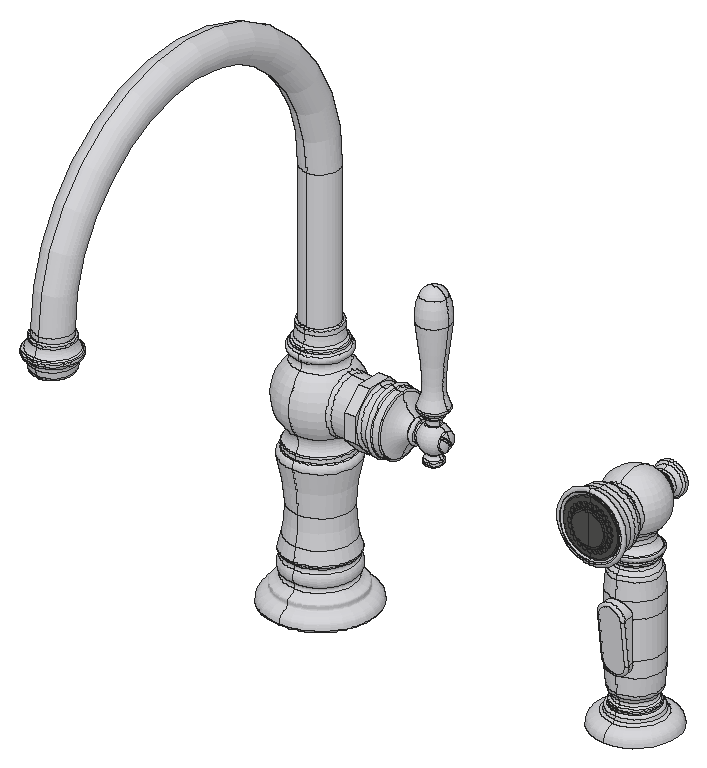
Revit family "Faucet-Kitchen_Sink-KOHLER-Artifacts-K-99262", category Plumbing Fixtures, host Face, Revit 2015
Parameters (values of type "CP- Polished Chrome")
  Width = Faucet Hole Spacing + 2 5/16"  # 10 5/16"
  Waste Water Outlet = "Waste Water Outlet"  # constant formula
  Waste Connection = no
  Vent Connection = no
  URL = "https://www.us.kohler.com/us/"
  Type = 1
  Spout Reach = 8 129/256"  # constant formula
  Product Page URL = "http://www.us.kohler.com/us/catalog/productDetails.jsp?productNumber=99262"
  Product Name = "Artifacts"  # constant formula
  Product Documentation Link = "http://www.us.kohler.com/onlinecatalog/pdf/K-99262_spec.pdf"
  Pressure = 60.00 psi  # constant formula
  Model = if(Type = 1, "K-99262-CP", if(Type = 2, "K-99262-SN", if(Type = 3, "K-99262-VS", if(Type = 4, "K-99262-2BZ", "NA"))))  # "K-99262-CP"
  Material = "Premium Metal Construction"  # constant formula
  MasterFormat 2004 = "22.41.39"  # constant formula
  MasterFormat 1995 = "15410"  # constant formula
  Manufacturer Address = "444 Highland Dr, Kohler, WI 53044"  # constant formula
  Manufacturer = "KOHLER Co."  # constant formula
  Length = 10 7/16"  # constant formula
  Hot Water Inlet = "Hot Water Inlet"  # constant formula
  Height = 14 11/16"  # constant formula
  HW Connection = yes
  Flow Rate = 1.5 GPM  # constant formula
  Finish = Kohler-Metal-CP-Polished_Chrome
  Faucet Hole Spacing = 8"
  Environmental Product Declaration = ""
  Description = "2-hole kitchen sink faucet with 14-11/16 inch swing spout and matching finish two-function side-spray with Sweep and BerrySoft spray, Arc spout design"
  Default Elevation = 36"
  Declare Label = ""
  Date Modified = "02/19/2018"  # constant formula
  Date Created = "02/19/2018"  # constant formula
  Copyright = "Copyright KOHLER Co."  # constant formula
  Contact Us = "https://www.us.kohler.com/us/static/contact.jsp"
  Cold Water Inlet = "Cold Water Inlet"  # constant formula
  CW Connection = yes
  Assembly Code = "D2020"
  ADA Compliant = yes
Reference planes (in)
  plane 1 "Center (Front/Back)": y = 0
  plane 2: z = 0
  plane 3 "Center (Left/Right)": x = 0
  plane 4: x = 8
  plane 5: y = 1.29905
  plane 6: y = -9.13845
  plane 7: x = -1.29834
  plane 8: x = 9.01416
  plane 9: z = 14.6875
  plane 10: y = -8.50391
Dimensions and locks (in)
  "Faucet Hole Spacing": plane 4 to plane 3 "Center (Left/Right)"
  "Length": plane 5 to plane 6
  "Width": plane 7 to plane 8
  "Height": plane 9 to plane 2
  "Spout Reach": plane 1 "Center (Front/Back)" to plane 10
  locked: plane 7 to plane 3 "Center (Left/Right)" at 1.29834
  aligned and locked: plane 2 to host face
  aligned and locked: level to host face
  aligned and locked: plane 4 to nested 2
  aligned and locked: plane 1 "Center (Front/Back)" to nested 2
Automatic sketch dimensions
  host sketch curve to host sketch curve = 96"  (x2)
Nested families (in)
  nested 1: "K-99262_1" at (0, 0, 0), type "K-99262_1"
  nested 2: "K-99262_2" at (8, 0, 0), type "K-99262_2"
Connectors (in)
  piping at (-0.53885, 0, 0), diameter 0.375, driven by "Flow Rate", driven by "Pressure", driven by "HW Connection", driven by "Hot Water Inlet"
    settings: on nested 1, index 1, connector inside diameter 24", connector length 0", flow factor 0, pipe flow 1.5 GPM, pressure drop 60.00 psi, fitting loss kfactor 0, connector angle 0.00°, fixture units 0, engagement length 0", angle of deflection 0.00°, flow configuration 1, flow direction 1, fitting loss method 4, system type 19, joint type 0, gender type 0, connector reference index -1, connector utility 1, adjustable connector no, is connector primary yes, connector description "Hot Water Inlet"
  piping at (0.53885, 0, 0), diameter 0.375, driven by "CW Connection", driven by "CW Connection", driven by "Cold Water Inlet", driven by "Flow Rate", driven by "Pressure"
    settings: on nested 1, index 6, connector inside diameter 24", connector length 0", flow factor 0, pipe flow 1.5 GPM, pressure drop 60.00 psi, fitting loss kfactor 0, connector angle 0.00°, fixture units 0, engagement length 0", angle of deflection 0.00°, flow configuration 1, flow direction 1, fitting loss method 4, system type 20, joint type 0, gender type 0, connector reference index -1, connector utility 1, adjustable connector yes, is connector primary no, connector description "Cold Water Inlet"
Definition of nested family "K-99262_1"
  Parameters (values of type "K-99262_1")
    Material = none
  Reference planes (in)
    plane 1 "Center (Front/Back)": y = 0
    plane 2: z = 0
    plane 3 "Center (Left/Right)": x = 0
  Forms (in)
    Revolve 1, solid, material <- "Material"
      sketch origin (0, 0.00056, 0.56138) x (0, 1, 0) y (0, 0, 1)
        loop
          line (-8.03006, 9.23919) -> (-8.50056, 9.23919) -> (-8.50056, 8.47279) -> (-8.12571, 8.47279) -> (-8.12571, 8.43413) -> (-8.06191, 8.43413)
          arc (-8.06191, 8.43413) -> (-8.04662, 8.4368) -> (-8.03313, 8.44447) r 0.04523
          arc (-8.03313, 8.44447) -> (-8.01593, 8.46373) -> (-8.00528, 8.48727) r 0.08519
          arc (-8.00528, 8.48727) -> (-7.98898, 8.55914) -> (-7.97985, 8.63227) r 0.74608
          arc (-7.97985, 8.63227) -> (-7.94798, 8.72556) -> (-7.8747, 8.79151) r 0.19588
          arc (-7.8747, 8.79151) -> (-7.86254, 8.80287) -> (-7.85805, 8.8189) r 0.03086
          line (-7.85805, 8.8189) -> (-7.85805, 8.88279)
          arc (-7.85805, 8.88279) -> (-7.86268, 8.89725) -> (-7.87484, 8.90633) r 0.02489
          arc (-7.87484, 8.90633) -> (-7.89974, 8.91858) -> (-7.92081, 8.93663) r 0.1107
          arc (-7.92081, 8.93663) -> (-7.98141, 9.03492) -> (-8.00256, 9.14845) r 0.31528
          line (-8.00256, 9.14845) -> (-8.00256, 9.21168)
          arc (-8.00256, 9.21168) -> (-8.01062, 9.23113) -> (-8.03006, 9.23919) r 0.02751
        axis (-8.50056, 9.23919) -> (-8.50056, 8.43413)
      angle from 0 to 360
    Revolve 2, solid, material <- "Material"
      sketch origin (0, 0, 0.5581) x (0, 1, 0) y (0, 0, 1)
        loop
          line (0, -0.5581) -> (1.26696, -0.5581)
          arc (1.26696, -0.5581) -> (1.28555, -0.55607) -> (1.29905, -0.54314) r 0.02908
          spline (1.29905, -0.54314) -> (1.2826, -0.44526) -> (1.25921, -0.39412) -> (1.21437, -0.34417) -> (1.16097, -0.30361) -> (1.09645, -0.27203) -> (1.04234, -0.2496) -> (1.01889, -0.19977) -> (1.02834, -0.13279) -> (0.99826, -0.08729) -> (0.93782, -0.0555) -> (0.87895, -0.02012) -> (0.81751, 0.05375)
          arc (0.81751, 0.05375) -> (0.79358, 0.11584) -> (0.8238, 0.17513) r 0.08167
          arc (0.8238, 0.17513) -> (0.87083, 0.32997) -> (0.82122, 0.48399) r 0.27093
          arc (0.82122, 0.48399) -> (0.80153, 0.53999) -> (0.81828, 0.59693) r 0.09666
          line (0.81828, 0.59693) -> (0.85179, 0.64611)
          arc (0.85179, 0.64611) -> (0.85755, 0.66098) -> (0.85614, 0.67687) r 0.03514
          arc (0.85614, 0.67687) -> (0.80917, 0.83438) -> (0.77106, 0.99427) r 2.94557
          arc (0.77106, 0.99427) -> (0.71971, 1.34296) -> (0.71038, 1.6953) r 2.94557
          arc (0.71038, 1.6953) -> (0.76125, 2.24626) -> (0.8763, 2.78747) r 4.7161
          arc (0.8763, 2.78747) -> (0.87038, 2.88745) -> (0.80483, 2.96317) r 0.15578
          arc (0.80483, 2.96317) -> (0.79412, 2.97398) -> (0.7902, 2.98869) r 0.02958
          line (0.7902, 2.98869) -> (0.7902, 3.08368)
          arc (0.7902, 3.08368) -> (0.78702, 3.09903) -> (0.77799, 3.11185) r 0.03862
          arc (0.77799, 3.11185) -> (0.68786, 3.30549) -> (0.75673, 3.50767) r 0.28649
          arc (0.75673, 3.50767) -> (0.9957, 4.24505) -> (0.63745, 4.93243) r 1.00256
          arc (0.63745, 4.93243) -> (0.5827, 5.06058) -> (0.65474, 5.17987) r 0.15279
          arc (0.65474, 5.17987) -> (0.69341, 5.25429) -> (0.64633, 5.3237) r 0.08189
          arc (0.64633, 5.3237) -> (0.61961, 5.34716) -> (0.60967, 5.3813) r 0.06358
          line (0.60967, 5.3813) -> (0.60967, 5.41519)
          arc (0.60967, 5.41519) -> (0.60295, 5.43371) -> (0.58592, 5.44361) r 0.02887
          arc (0.58592, 5.44361) -> (0.54724, 5.46322) -> (0.52572, 5.50086) r 0.07554
          arc (0.52572, 5.50086) -> (0.50632, 5.61313) -> (0.49982, 5.72688) r 0.99892
          line (0.49982, 5.72688) -> (0.49982, 5.8333)
          arc (0.49982, 5.8333) -> (0.49144, 5.85352) -> (0.47122, 5.8619) r 0.0286
          line (0.47122, 5.8619) -> (0, 5.8619) -> (0, -0.5581)
        axis (0, 5.8619) -> (0, -0.5581)
      angle from 0 to 360
    Revolve 3, solid, material <- "Material"
      sketch origin (-5.75, 0, 0.5581) x (1, 0, 0) y (0, 0, 1)
        loop
          line (8.8324, 4.38765) -> (8.8324, 4.16407) -> (9.02944, 4.16407)
          arc (9.02944, 4.16407) -> (9.01381, 4.28) -> (8.96805, 4.38765) r 0.43789
          line (8.96805, 4.38765) -> (8.8324, 4.38765)
        loop
          line (6.42396, 4.88858) -> (6.42396, 4.16407) -> (8.2952, 4.16407) -> (8.35506, 4.16407) -> (8.35506, 4.36668) -> (8.2952, 4.36668) -> (8.2952, 4.41507)
          arc (8.2952, 4.41507) -> (8.25611, 4.46064) -> (8.20101, 4.43682) r 0.05061
          arc (8.20101, 4.43682) -> (8.18891, 4.42741) -> (8.17411, 4.42346) r 0.03855
          spline (8.17411, 4.42346) -> (8.12376, 4.4409) -> (8.07838, 4.4663) -> (8.04319, 4.49009) -> (8.01652, 4.51776) -> (7.98897, 4.55038) -> (7.96525, 4.58125) -> (7.94262, 4.61738) -> (7.92367, 4.65405) -> (7.90456, 4.69556) -> (7.88346, 4.74406) -> (7.86613, 4.79403) -> (7.84432, 4.88261)
          arc (7.84432, 4.88261) -> (7.8399, 4.90014) -> (7.82526, 4.91073) r 0.02642
          line (7.82526, 4.91073) -> (7.66085, 4.91073)
          arc (7.66085, 4.91073) -> (7.64387, 4.91446) -> (7.63214, 4.92731) r 0.02877
          arc (7.63214, 4.92731) -> (7.57954, 4.96094) -> (7.52694, 4.92731) r 0.05795
          line (7.52694, 4.92731) -> (7.52694, 4.83635) -> (7.31436, 4.84378)
          arc (7.31436, 4.84378) -> (7.27214, 4.86257) -> (7.25483, 4.90542) r 0.06168
          line (7.25483, 4.90542) -> (7.25483, 5.01325) -> (6.98058, 5.01325) -> (6.98058, 4.83062) -> (6.55537, 4.84547)
          arc (6.55537, 4.84547) -> (6.48661, 4.85769) -> (6.42396, 4.88858) r 0.24838
        axis (6.42396, 4.16407) -> (9.02944, 4.16407)
      angle from 0 to 360
    Revolve 4, solid, material <- "Material"
      sketch origin (-5.76563, 0, 0.5581) x (1, 0, 0) y (0, 0, 1)
        loop
          line (8.64982, 4.8849) -> (8.64982, 7.6079)
          arc (8.64982, 7.6079) -> (8.47033, 7.54846) -> (8.35309, 7.40012) r 0.32937
          arc (8.35309, 7.40012) -> (8.27703, 7.11266) -> (8.27092, 6.81538) r 1.25185
          spline (8.27092, 6.81538) -> (8.30118, 6.53354) -> (8.33234, 6.28131) -> (8.36055, 6.08106) -> (8.38202, 5.93763) -> (8.39317, 5.83741) -> (8.39843, 5.74169) -> (8.40801, 5.61052) -> (8.4127, 5.51168) -> (8.41944, 5.37863) -> (8.41019, 5.25029) -> (8.39267, 5.13344) -> (8.30022, 4.8849)
          arc (8.30022, 4.8849) -> (8.28998, 4.86182) -> (8.29606, 4.83731) r 0.03892
          arc (8.29606, 4.83731) -> (8.35122, 4.7758) -> (8.42274, 4.73441) r 0.2632
          line (8.42274, 4.73441) -> (8.42274, 4.68049)
          arc (8.42274, 4.68049) -> (8.42839, 4.66603) -> (8.44233, 4.65922) r 0.02134
          arc (8.44233, 4.65922) -> (8.47164, 4.64715) -> (8.4886, 4.62037) r 0.05228
          arc (8.4886, 4.62037) -> (8.49878, 4.55965) -> (8.49791, 4.49809) r 0.34202
          arc (8.49791, 4.49809) -> (8.49131, 4.47952) -> (8.47695, 4.46601) r 0.04191
          arc (8.47695, 4.46601) -> (8.30018, 4.1492) -> (8.49918, 3.84586) r 0.35004
          arc (8.49918, 3.84586) -> (8.51709, 3.83072) -> (8.5253, 3.80875) r 0.04633
          arc (8.5253, 3.80875) -> (8.5084, 3.74342) -> (8.45303, 3.70485) r 0.09716
          arc (8.45303, 3.70485) -> (8.4399, 3.6962) -> (8.43482, 3.68132) r 0.02431
          line (8.43482, 3.68132) -> (8.43482, 3.61971)
          arc (8.43482, 3.61971) -> (8.43983, 3.60549) -> (8.45264, 3.59755) r 0.02268
          arc (8.45264, 3.59755) -> (8.47178, 3.59129) -> (8.48929, 3.58136) r 0.10079
          arc (8.48929, 3.58136) -> (8.51717, 3.55995) -> (8.54331, 3.53644) r 0.45307
          arc (8.54331, 3.53644) -> (8.56853, 3.51394) -> (8.59557, 3.49369) r 0.39479
          arc (8.59557, 3.49369) -> (8.62143, 3.48119) -> (8.64982, 3.4769) r 0.09607
          line (8.64982, 3.4769) -> (8.64982, 4.8849)
        axis (8.64982, 7.6079) -> (8.64982, 3.4769)
      angle from 0 to 360
    Sweep 5, solid, material <- "Material"
      path origin (-5.79599, 0.00355, 0.55818) x (0, 1, 0) y (0, 0, 1)
        loop
          line (-0.00355, 5.73151) -> (-0.00355, 9.36779)
          arc (-0.00355, 9.36779) -> (-4.25355, 13.61779) -> (-8.50355, 9.36779) r 4.25
          line (-8.50355, 9.36779) -> (-8.50355, 9.05143)
      profile origin (-5.79599, 0, 8.10783) x (0, -1, 0) y (1, 0, 0)
        loop
          circle (0.00405, 5.79599) r 0.4375
    Extrusion 6, void
      sketch origin (0, 0, 0) x (0, 1, 0) y (0, 0, 1)
        loop
          line (0.2504, 4.51379) -> (-0.20099, 4.96518) -> (-0.24518, 4.92099) -> (0.20621, 4.4696) -> (0.2504, 4.51379)
      from 3.1998 to 3.29872
    Extrusion 7, void
      sketch origin (0, 0, 0) x (0, 1, 0) y (0, 0, 1)
        loop
          line (-0.31205, 5.47335) -> (-0.75335, 5.03205) -> (-0.75335, 4.40795) -> (-0.31205, 3.96665) -> (0.31205, 3.96665) -> (0.75335, 4.40795) -> (0.75335, 5.03205) -> (0.31205, 5.47335) -> (-0.31205, 5.47335)
        loop
          circle (0, 4.72218) r 0.90225
      from 1.1939 to 1.5365
    Extrusion 8, solid, material <- "Material", detail levels medium+fine
      sketch origin (0, 0, 0) x (1, 0, 0) y (0, 1, 0)
        loop
          circle (-0.53885, 0) r 0.1875
        loop
          circle (0.53885, 0) r 0.1875
      from 0 to 0.06279
  Cuts and joins
    Extrusion 6, Extrusion 7 cuts Revolve 3
    joined: Revolve 1, Revolve 2, Revolve 4, Sweep 5
  Lines and regions (in)
    Masking region 1
      outline origin (0, 0, 0) x (1, 0, 0) y (0, 0, 1)
        loop
          line (-0.4375, 9.80056) -> (-0.47049, 9.80056)
          arc (-0.47049, 9.80056) -> (-0.48994, 9.79251) -> (-0.498, 9.77306) r 0.02751
          line (-0.498, 9.77306) -> (-0.498, 9.70982)
          arc (-0.498, 9.70982) -> (-0.51915, 9.5963) -> (-0.57975, 9.49801) r 0.31528
          arc (-0.57975, 9.49801) -> (-0.60082, 9.47995) -> (-0.62572, 9.4677) r 0.1107
          arc (-0.62572, 9.4677) -> (-0.63788, 9.45862) -> (-0.64251, 9.44417) r 0.02489
          line (-0.64251, 9.44417) -> (-0.64251, 9.38028)
          arc (-0.64251, 9.38028) -> (-0.63802, 9.36425) -> (-0.62586, 9.35288) r 0.03086
          arc (-0.62586, 9.35288) -> (-0.55258, 9.28693) -> (-0.52071, 9.19365) r 0.19588
          arc (-0.52071, 9.19365) -> (-0.51158, 9.12051) -> (-0.49527, 9.04864) r 0.74608
          arc (-0.49527, 9.04864) -> (-0.48463, 9.02511) -> (-0.46743, 9.00584) r 0.08519
          arc (-0.46743, 9.00584) -> (-0.45394, 8.99817) -> (-0.43865, 8.99551) r 0.04523
          line (-0.43865, 8.99551) -> (-0.43865, 6.42) -> (-0.47122, 6.42)
          arc (-0.47122, 6.42) -> (-0.49144, 6.41162) -> (-0.49982, 6.3914) r 0.0286
          line (-0.49982, 6.3914) -> (-0.49982, 6.28498)
          arc (-0.49982, 6.28498) -> (-0.50632, 6.17123) -> (-0.52572, 6.05897) r 0.99892
          arc (-0.52572, 6.05897) -> (-0.54724, 6.02132) -> (-0.58592, 6.00171) r 0.07554
          arc (-0.58592, 6.00171) -> (-0.60295, 5.99182) -> (-0.60967, 5.9733) r 0.02887
          line (-0.60967, 5.9733) -> (-0.60967, 5.9394)
          arc (-0.60967, 5.9394) -> (-0.61961, 5.90527) -> (-0.64633, 5.8818) r 0.06358
          arc (-0.64633, 5.8818) -> (-0.69341, 5.81239) -> (-0.65474, 5.73797) r 0.08189
          arc (-0.65474, 5.73797) -> (-0.5827, 5.61868) -> (-0.63745, 5.49054) r 0.15279
          arc (-0.63745, 5.49054) -> (-0.9957, 4.80315) -> (-0.75673, 4.06577) r 1.00256
          arc (-0.75673, 4.06577) -> (-0.68786, 3.86359) -> (-0.77799, 3.66995) r 0.28649
          arc (-0.77799, 3.66995) -> (-0.78702, 3.65713) -> (-0.7902, 3.64178) r 0.03862
          line (-0.7902, 3.64178) -> (-0.7902, 3.5468)
          arc (-0.7902, 3.5468) -> (-0.79412, 3.53209) -> (-0.80483, 3.52127) r 0.02958
          arc (-0.80483, 3.52127) -> (-0.87038, 3.44556) -> (-0.8763, 3.34558) r 0.15578
          arc (-0.8763, 3.34558) -> (-0.76125, 2.80437) -> (-0.71038, 2.25341) r 4.7161
          arc (-0.71038, 2.25341) -> (-0.71971, 1.90107) -> (-0.77106, 1.55237) r 2.94557
          arc (-0.77106, 1.55237) -> (-0.80917, 1.39249) -> (-0.85614, 1.23498) r 2.94557
          arc (-0.85614, 1.23498) -> (-0.85755, 1.21909) -> (-0.85179, 1.20421) r 0.03514
          line (-0.85179, 1.20421) -> (-0.81828, 1.15504)
          arc (-0.81828, 1.15504) -> (-0.80153, 1.09809) -> (-0.82122, 1.0421) r 0.09666
          arc (-0.82122, 1.0421) -> (-0.87083, 0.88807) -> (-0.8238, 0.73324) r 0.27093
          arc (-0.8238, 0.73324) -> (-0.79358, 0.67395) -> (-0.81751, 0.61185) r 0.08167
          spline (-0.81751, 0.61185) -> (-0.87895, 0.53798) -> (-0.93782, 0.5026) -> (-0.99826, 0.47081) -> (-1.02834, 0.42531) -> (-1.01889, 0.35833) -> (-1.04234, 0.3085) -> (-1.09645, 0.28607) -> (-1.16097, 0.25449) -> (-1.21437, 0.21393) -> (-1.25921, 0.16399) -> (-1.2826, 0.11285) -> (-1.29905, 0.01496)
          arc (-1.29905, 0.01496) -> (-1.28555, 0.00204) -> (-1.26696, 0) r 0.02908
          line (-1.26696, 0) -> (1.26696, 0)
          arc (1.26696, 0) -> (1.28555, 0.00204) -> (1.29905, 0.01496) r 0.02908
          spline (1.29905, 0.01496) -> (1.2826, 0.11285) -> (1.25921, 0.16399) -> (1.21437, 0.21393) -> (1.16097, 0.25449) -> (1.09645, 0.28607) -> (1.04234, 0.3085) -> (1.01889, 0.35833) -> (1.02834, 0.42531) -> (0.99826, 0.47081) -> (0.93782, 0.5026) -> (0.87895, 0.53798) -> (0.81751, 0.61185)
          arc (0.81751, 0.61185) -> (0.79358, 0.67395) -> (0.8238, 0.73324) r 0.08167
          arc (0.8238, 0.73324) -> (0.87083, 0.88807) -> (0.82122, 1.0421) r 0.27093
          arc (0.82122, 1.0421) -> (0.80153, 1.09809) -> (0.81828, 1.15504) r 0.09666
          line (0.81828, 1.15504) -> (0.85179, 1.20421)
          arc (0.85179, 1.20421) -> (0.85755, 1.21909) -> (0.85614, 1.23498) r 0.03514
          arc (0.85614, 1.23498) -> (0.80917, 1.39249) -> (0.77106, 1.55237) r 2.94557
          arc (0.77106, 1.55237) -> (0.71971, 1.90107) -> (0.71038, 2.25341) r 2.94557
          arc (0.71038, 2.25341) -> (0.76125, 2.80437) -> (0.8763, 3.34558) r 4.7161
          arc (0.8763, 3.34558) -> (0.87038, 3.44556) -> (0.80483, 3.52127) r 0.15578
          arc (0.80483, 3.52127) -> (0.79412, 3.53209) -> (0.7902, 3.5468) r 0.02958
          line (0.7902, 3.5468) -> (0.7902, 3.64178)
          arc (0.7902, 3.64178) -> (0.78702, 3.65713) -> (0.77799, 3.66995) r 0.03862
          arc (0.77799, 3.66995) -> (0.69027, 3.83886) -> (0.72774, 4.02546) r 0.28649
          arc (0.72774, 4.02546) -> (0.76594, 4.03623) -> (0.80537, 4.04078) r 0.24838
          line (0.80537, 4.04078) -> (1.23058, 4.05563) -> (1.23058, 3.96612) -> (1.50661, 3.96612)
          arc (1.50661, 3.96612) -> (1.51732, 4.01803) -> (1.56436, 4.04247) r 0.06168
          line (1.56436, 4.04247) -> (1.77694, 4.04989) -> (1.77694, 3.95894)
          arc (1.77694, 3.95894) -> (1.82954, 3.92531) -> (1.88214, 3.95894) r 0.05795
          arc (1.88214, 3.95894) -> (1.89387, 3.97178) -> (1.91085, 3.97552) r 0.02877
          line (1.91085, 3.97552) -> (2.07526, 3.97552)
          arc (2.07526, 3.97552) -> (2.0899, 3.98611) -> (2.09432, 4.00364) r 0.02642
          spline (2.09432, 4.00364) -> (2.11613, 4.09222) -> (2.13346, 4.14218) -> (2.15456, 4.19068) -> (2.17367, 4.2322) -> (2.19262, 4.26887) -> (2.21525, 4.305) -> (2.23897, 4.33586) -> (2.26652, 4.36848) -> (2.29319, 4.39616) -> (2.32838, 4.41995) -> (2.37376, 4.44534) -> (2.42411, 4.46279)
          arc (2.42411, 4.46279) -> (2.43891, 4.45883) -> (2.45101, 4.44943) r 0.03855
          arc (2.45101, 4.44943) -> (2.50611, 4.4256) -> (2.5452, 4.47117) r 0.05061
          line (2.5452, 4.47117) -> (2.5452, 4.51957) -> (2.59729, 4.51957)
          arc (2.59729, 4.51957) -> (2.65792, 4.45292) -> (2.73355, 4.40396) r 0.35004
          arc (2.73355, 4.40396) -> (2.75147, 4.38882) -> (2.75968, 4.36685) r 0.04633
          arc (2.75968, 4.36685) -> (2.74278, 4.30152) -> (2.68741, 4.26296) r 0.09716
          arc (2.68741, 4.26296) -> (2.67428, 4.2543) -> (2.6692, 4.23942) r 0.02431
          line (2.6692, 4.23942) -> (2.6692, 4.17781)
          arc (2.6692, 4.17781) -> (2.6742, 4.16359) -> (2.68702, 4.15565) r 0.02268
          arc (2.68702, 4.15565) -> (2.70615, 4.1494) -> (2.72366, 4.13947) r 0.10079
          arc (2.72366, 4.13947) -> (2.75155, 4.11805) -> (2.77769, 4.09454) r 0.45307
          arc (2.77769, 4.09454) -> (2.8029, 4.07205) -> (2.82995, 4.05179) r 0.39479
          arc (2.82995, 4.05179) -> (2.8558, 4.0393) -> (2.8842, 4.03501) r 0.09607
          arc (2.8842, 4.03501) -> (2.91259, 4.0393) -> (2.93845, 4.05179) r 0.09607
          arc (2.93845, 4.05179) -> (2.96549, 4.07205) -> (2.9907, 4.09454) r 0.39479
          arc (2.9907, 4.09454) -> (3.01685, 4.11805) -> (3.04473, 4.13947) r 0.45307
          arc (3.04473, 4.13947) -> (3.06224, 4.1494) -> (3.08137, 4.15565) r 0.10079
          arc (3.08137, 4.15565) -> (3.09419, 4.16359) -> (3.0992, 4.17781) r 0.02268
          line (3.0992, 4.17781) -> (3.0992, 4.23942)
          arc (3.0992, 4.23942) -> (3.09411, 4.2543) -> (3.08099, 4.26296) r 0.02431
          arc (3.08099, 4.26296) -> (3.02562, 4.30152) -> (3.00872, 4.36685) r 0.09716
          arc (3.00872, 4.36685) -> (3.01692, 4.38882) -> (3.03484, 4.40396) r 0.04633
          arc (3.03484, 4.40396) -> (3.1003, 4.44461) -> (3.15527, 4.49859) r 0.35004
          line (3.15527, 4.49859) -> (3.21805, 4.49859)
          arc (3.21805, 4.49859) -> (3.26381, 4.60625) -> (3.27944, 4.72218) r 0.43789
          arc (3.27944, 4.72218) -> (3.26381, 4.8381) -> (3.21805, 4.94576) r 0.43789
          line (3.21805, 4.94576) -> (3.1514, 4.94576)
          arc (3.1514, 4.94576) -> (3.10769, 4.9891) -> (3.05707, 5.02412) r 0.35004
          arc (3.05707, 5.02412) -> (3.04271, 5.03762) -> (3.03611, 5.05619) r 0.04191
          arc (3.03611, 5.05619) -> (3.03524, 5.11775) -> (3.04542, 5.17847) r 0.34202
          arc (3.04542, 5.17847) -> (3.06238, 5.20526) -> (3.09169, 5.21732) r 0.05228
          arc (3.09169, 5.21732) -> (3.10563, 5.22413) -> (3.11128, 5.23859) r 0.02134
          line (3.11128, 5.23859) -> (3.11128, 5.29252)
          arc (3.11128, 5.29252) -> (3.1828, 5.3339) -> (3.23796, 5.39542) r 0.2632
          arc (3.23796, 5.39542) -> (3.24404, 5.41992) -> (3.2338, 5.443) r 0.03892
          spline (3.2338, 5.443) -> (3.14135, 5.69154) -> (3.12383, 5.8084) -> (3.11458, 5.93674) -> (3.12131, 6.06978) -> (3.12601, 6.16862) -> (3.13559, 6.2998) -> (3.14085, 6.39551) -> (3.152, 6.49574) -> (3.17347, 6.63916) -> (3.20168, 6.83941) -> (3.23283, 7.09165) -> (3.2631, 7.37348)
          arc (3.2631, 7.37348) -> (3.25698, 7.67077) -> (3.18093, 7.95822) r 1.25185
          arc (3.18093, 7.95822) -> (3.06369, 8.10657) -> (2.8842, 8.166) r 0.32937
          arc (2.8842, 8.166) -> (2.7047, 8.10657) -> (2.58746, 7.95822) r 0.32937
          arc (2.58746, 7.95822) -> (2.51141, 7.67077) -> (2.5053, 7.37348) r 1.25185
          spline (2.5053, 7.37348) -> (2.53556, 7.09165) -> (2.56671, 6.83941) -> (2.59493, 6.63916) -> (2.6164, 6.49574) -> (2.62754, 6.39551) -> (2.6328, 6.2998) -> (2.64238, 6.16862) -> (2.64708, 6.06978) -> (2.65381, 5.93674) -> (2.64456, 5.8084) -> (2.62704, 5.69154) -> (2.5346, 5.443)
          arc (2.5346, 5.443) -> (2.52436, 5.41992) -> (2.53043, 5.39542) r 0.03892
          arc (2.53043, 5.39542) -> (2.5856, 5.3339) -> (2.65712, 5.29252) r 0.2632
          line (2.65712, 5.29252) -> (2.65712, 5.23859)
          arc (2.65712, 5.23859) -> (2.66276, 5.22413) -> (2.6767, 5.21732) r 0.02134
          arc (2.6767, 5.21732) -> (2.70602, 5.20526) -> (2.72297, 5.17847) r 0.05228
          arc (2.72297, 5.17847) -> (2.73315, 5.11775) -> (2.73229, 5.05619) r 0.34202
          arc (2.73229, 5.05619) -> (2.72568, 5.03762) -> (2.71132, 5.02412) r 0.04191
          arc (2.71132, 5.02412) -> (2.65062, 4.9804) -> (2.6006, 4.92478) r 0.35004
          line (2.6006, 4.92478) -> (2.5452, 4.92478) -> (2.5452, 4.97318)
          arc (2.5452, 4.97318) -> (2.50611, 5.01875) -> (2.45101, 4.99492) r 0.05061
          arc (2.45101, 4.99492) -> (2.43891, 4.98552) -> (2.42411, 4.98156) r 0.03855
          spline (2.42411, 4.98156) -> (2.37376, 4.99901) -> (2.32838, 5.0244) -> (2.29319, 5.04819) -> (2.26652, 5.07587) -> (2.23897, 5.10849) -> (2.21525, 5.13935) -> (2.19262, 5.17548) -> (2.17367, 5.21215) -> (2.15456, 5.25367) -> (2.13346, 5.30217) -> (2.11613, 5.35213) -> (2.09432, 5.44071)
          arc (2.09432, 5.44071) -> (2.0899, 5.45824) -> (2.07526, 5.46883) r 0.02642
          line (2.07526, 5.46883) -> (1.91085, 5.46883)
          arc (1.91085, 5.46883) -> (1.89387, 5.47257) -> (1.88214, 5.48541) r 0.02877
          arc (1.88214, 5.48541) -> (1.82954, 5.51904) -> (1.77694, 5.48541) r 0.05795
          line (1.77694, 5.48541) -> (1.77694, 5.39446) -> (1.56436, 5.40188)
          arc (1.56436, 5.40188) -> (1.51886, 5.42436) -> (1.50562, 5.47335) r 0.06168
          line (1.50562, 5.47335) -> (1.23058, 5.47335) -> (1.23058, 5.38872) -> (0.80537, 5.40357)
          arc (0.80537, 5.40357) -> (0.75423, 5.41073) -> (0.70568, 5.4283) r 0.24838
          arc (0.70568, 5.4283) -> (0.67229, 5.4602) -> (0.63745, 5.49054) r 1.00256
          arc (0.63745, 5.49054) -> (0.5827, 5.61868) -> (0.65474, 5.73797) r 0.15279
          arc (0.65474, 5.73797) -> (0.69341, 5.81239) -> (0.64633, 5.8818) r 0.08189
          arc (0.64633, 5.8818) -> (0.61961, 5.90527) -> (0.60967, 5.9394) r 0.06358
          line (0.60967, 5.9394) -> (0.60967, 5.9733)
          arc (0.60967, 5.9733) -> (0.60295, 5.99182) -> (0.58592, 6.00171) r 0.02887
          arc (0.58592, 6.00171) -> (0.54724, 6.02132) -> (0.52572, 6.05897) r 0.07554
          arc (0.52572, 6.05897) -> (0.50632, 6.17123) -> (0.49982, 6.28498) r 0.99892
          line (0.49982, 6.28498) -> (0.49982, 6.3914)
          arc (0.49982, 6.3914) -> (0.49144, 6.41162) -> (0.47122, 6.42) r 0.0286
          line (0.47122, 6.42) -> (0.43865, 6.42) -> (0.43865, 8.99551)
          arc (0.43865, 8.99551) -> (0.45394, 8.99817) -> (0.46743, 9.00584) r 0.04523
          arc (0.46743, 9.00584) -> (0.48463, 9.02511) -> (0.49527, 9.04864) r 0.08519
          arc (0.49527, 9.04864) -> (0.51158, 9.12051) -> (0.52071, 9.19365) r 0.74608
          arc (0.52071, 9.19365) -> (0.55258, 9.28693) -> (0.62586, 9.35288) r 0.19588
          arc (0.62586, 9.35288) -> (0.63802, 9.36425) -> (0.64251, 9.38028) r 0.03086
          line (0.64251, 9.38028) -> (0.64251, 9.44417)
          arc (0.64251, 9.44417) -> (0.63788, 9.45862) -> (0.62572, 9.4677) r 0.02489
          arc (0.62572, 9.4677) -> (0.60082, 9.47995) -> (0.57975, 9.49801) r 0.1107
          arc (0.57975, 9.49801) -> (0.51915, 9.5963) -> (0.498, 9.70982) r 0.31528
          line (0.498, 9.70982) -> (0.498, 9.77306)
          arc (0.498, 9.77306) -> (0.48994, 9.79251) -> (0.47049, 9.80056) r 0.02751
          line (0.47049, 9.80056) -> (0.4375, 9.80056) -> (0.4375, 14.17186)
          arc (0.4375, 14.17186) -> (0, 14.60936) -> (-0.4375, 14.17186) r 0.4375
          line (-0.4375, 14.17186) -> (-0.4375, 9.80056)
    Masking region 2
      outline origin (0, 0, 0) x (1, 0, 0) y (0, 1, 0)
        loop
          line (-0.4376, -1.22313) -> (-0.4376, -8.02485)
          arc (-0.4376, -8.02485) -> (0, -9.13895) -> (0.4376, -8.02485) r 0.64299
          line (0.4376, -8.02485) -> (0.4376, -1.22313)
          arc (0.4376, -1.22313) -> (0.82253, -1.00548) -> (1.11215, -0.67131) r 1.29905
          line (1.11215, -0.67131) -> (1.23058, -0.66655) -> (1.23058, -0.75335) -> (1.50492, -0.75335)
          arc (1.50492, -0.75335) -> (1.51665, -0.70392) -> (1.56159, -0.68021) r 0.06145
          line (1.56159, -0.68021) -> (1.77694, -0.67196) -> (1.77694, -0.76324)
          arc (1.77694, -0.76324) -> (1.82954, -0.79683) -> (1.88214, -0.76324) r 0.05798
          arc (1.88214, -0.76324) -> (1.89387, -0.7504) -> (1.91085, -0.74666) r 0.02881
          line (1.91085, -0.74666) -> (2.07526, -0.74666)
          arc (2.07526, -0.74666) -> (2.08996, -0.7361) -> (2.09432, -0.71854) r 0.0262
          spline (2.09432, -0.71854) -> (2.14803, -0.57184) -> (2.17767, -0.49317) -> (2.19199, -0.4586) -> (2.19973, -0.44424) -> (2.20889, -0.42937) -> (2.22364, -0.40861) -> (2.24683, -0.38134) -> (2.27583, -0.35078) -> (2.30221, -0.32416) -> (2.32221, -0.30611) -> (2.3545, -0.28845) -> (2.42411, -0.25939)
          arc (2.42411, -0.25939) -> (2.43991, -0.26343) -> (2.45209, -0.27427) r 0.03451
          arc (2.45209, -0.27427) -> (2.50699, -0.29603) -> (2.5452, -0.251) r 0.05065
          line (2.5452, -0.251) -> (2.5452, -0.18304)
          arc (2.5452, -0.18304) -> (2.85949, -0.38381) -> (3.19626, -0.22358) r 0.38455
          arc (3.19626, -0.22358) -> (3.21299, -0.22084) -> (3.22584, -0.20979) r 0.03132
          arc (3.22584, -0.20979) -> (3.27893, 0) -> (3.22584, 0.20979) r 0.441
          arc (3.22584, 0.20979) -> (3.21299, 0.22084) -> (3.19626, 0.22358) r 0.03132
          arc (3.19626, 0.22358) -> (2.85949, 0.38381) -> (2.5452, 0.18304) r 0.38455
          line (2.5452, 0.18304) -> (2.5452, 0.251)
          arc (2.5452, 0.251) -> (2.50699, 0.29603) -> (2.45209, 0.27427) r 0.05065
          arc (2.45209, 0.27427) -> (2.43991, 0.26343) -> (2.42411, 0.25939) r 0.03451
          spline (2.42411, 0.25939) -> (2.3545, 0.28845) -> (2.32221, 0.30611) -> (2.30221, 0.32416) -> (2.27583, 0.35078) -> (2.24683, 0.38134) -> (2.22364, 0.40861) -> (2.20889, 0.42937) -> (2.19973, 0.44424) -> (2.19199, 0.4586) -> (2.17767, 0.49317) -> (2.14803, 0.57184) -> (2.09432, 0.71854)
          arc (2.09432, 0.71854) -> (2.08996, 0.7361) -> (2.07526, 0.74666) r 0.0262
          line (2.07526, 0.74666) -> (1.91085, 0.74666)
          arc (1.91085, 0.74666) -> (1.89387, 0.7504) -> (1.88214, 0.76324) r 0.02881
          arc (1.88214, 0.76324) -> (1.82954, 0.79683) -> (1.77694, 0.76324) r 0.05798
          line (1.77694, 0.76324) -> (1.77694, 0.67196) -> (1.56159, 0.68021)
          arc (1.56159, 0.68021) -> (1.51665, 0.70392) -> (1.50492, 0.75335) r 0.06145
          line (1.50492, 0.75335) -> (1.23058, 0.75335) -> (1.23058, 0.66655) -> (1.11215, 0.67131)
          arc (1.11215, 0.67131) -> (0.63854, 1.13128) -> (0, 1.29905) r 1.29905
          arc (0, 1.29905) -> (-1.27993, 0.22207) -> (-0.4376, -1.22313) r 1.29905
    Masking region 3
      outline origin (0, 0, 0) x (0, 1, 0) y (0, 0, 1)
        loop
          line (0, 0.00069) -> (1.26696, 0.00069)
          arc (1.26696, 0.00069) -> (1.28555, 0.00273) -> (1.29905, 0.01565) r 0.02908
          spline (1.29905, 0.01565) -> (1.2826, 0.11353) -> (1.25921, 0.16468) -> (1.21437, 0.21462) -> (1.16097, 0.25518) -> (1.09645, 0.28676) -> (1.04234, 0.30919) -> (1.01889, 0.35902) -> (1.02834, 0.426) -> (0.99826, 0.4715) -> (0.93782, 0.50329) -> (0.87895, 0.53867) -> (0.81751, 0.61254)
          arc (0.81751, 0.61254) -> (0.79358, 0.67464) -> (0.8238, 0.73393) r 0.08167
          arc (0.8238, 0.73393) -> (0.87083, 0.88876) -> (0.82122, 1.04279) r 0.27093
          arc (0.82122, 1.04279) -> (0.80153, 1.09878) -> (0.81828, 1.15572) r 0.09666
          line (0.81828, 1.15572) -> (0.85179, 1.2049)
          arc (0.85179, 1.2049) -> (0.85755, 1.21978) -> (0.85614, 1.23567) r 0.03514
          arc (0.85614, 1.23567) -> (0.80917, 1.39318) -> (0.77106, 1.55306) r 2.94557
          arc (0.77106, 1.55306) -> (0.71971, 1.90176) -> (0.71038, 2.25409) r 2.94557
          arc (0.71038, 2.25409) -> (0.76125, 2.80506) -> (0.8763, 3.34627) r 4.7161
          arc (0.8763, 3.34627) -> (0.87038, 3.44624) -> (0.80483, 3.52196) r 0.15578
          arc (0.80483, 3.52196) -> (0.79412, 3.53277) -> (0.7902, 3.54748) r 0.02958
          line (0.7902, 3.54748) -> (0.7902, 3.64247)
          arc (0.7902, 3.64247) -> (0.78702, 3.65782) -> (0.77799, 3.67064) r 0.03862
          arc (0.77799, 3.67064) -> (0.68786, 3.86428) -> (0.75673, 4.06646) r 0.28649
          arc (0.75673, 4.06646) -> (0.9957, 4.80384) -> (0.63745, 5.49123) r 1.00256
          arc (0.63745, 5.49123) -> (0.5827, 5.61937) -> (0.65474, 5.73866) r 0.15279
          arc (0.65474, 5.73866) -> (0.69341, 5.81308) -> (0.64633, 5.88249) r 0.08189
          arc (0.64633, 5.88249) -> (0.61961, 5.90595) -> (0.60967, 5.94009) r 0.06358
          line (0.60967, 5.94009) -> (0.60967, 5.97399)
          arc (0.60967, 5.97399) -> (0.60295, 5.99251) -> (0.58592, 6.0024) r 0.02887
          arc (0.58592, 6.0024) -> (0.54724, 6.02201) -> (0.52572, 6.05966) r 0.07554
          arc (0.52572, 6.05966) -> (0.50632, 6.17192) -> (0.49982, 6.28567) r 0.99892
          line (0.49982, 6.28567) -> (0.49982, 6.39209)
          arc (0.49982, 6.39209) -> (0.4891, 6.41441) -> (0.46498, 6.42) r 0.0286
          line (0.46498, 6.42) -> (0.43036, 6.42) -> (0.43036, 9.93006)
          arc (0.43036, 9.93006) -> (-4.25165, 14.61207) -> (-8.93366, 9.93006) r 4.68201
          line (-8.93366, 9.93006) -> (-8.93366, 9.80056) -> (-8.97049, 9.80056)
          arc (-8.97049, 9.80056) -> (-8.98994, 9.79251) -> (-8.998, 9.77306) r 0.02751
          line (-8.998, 9.77306) -> (-8.998, 9.70982)
          arc (-8.998, 9.70982) -> (-9.01915, 9.5963) -> (-9.07975, 9.49801) r 0.31528
          arc (-9.07975, 9.49801) -> (-9.10082, 9.47995) -> (-9.12572, 9.4677) r 0.1107
          arc (-9.12572, 9.4677) -> (-9.13788, 9.45862) -> (-9.14251, 9.44417) r 0.02489
          line (-9.14251, 9.44417) -> (-9.14251, 9.38028)
          arc (-9.14251, 9.38028) -> (-9.13802, 9.36425) -> (-9.12586, 9.35288) r 0.03086
          arc (-9.12586, 9.35288) -> (-9.05258, 9.28693) -> (-9.02071, 9.19365) r 0.19588
          arc (-9.02071, 9.19365) -> (-9.01158, 9.12051) -> (-8.99527, 9.04864) r 0.74608
          arc (-8.99527, 9.04864) -> (-8.97904, 9.01747) -> (-8.9516, 8.99551) r 0.08519
          line (-8.9516, 8.99551) -> (-8.04657, 8.99551)
          arc (-8.04657, 8.99551) -> (-8.01913, 9.01747) -> (-8.0029, 9.04864) r 0.08519
          arc (-8.0029, 9.04864) -> (-7.98659, 9.12051) -> (-7.97746, 9.19365) r 0.74608
          arc (-7.97746, 9.19365) -> (-7.94559, 9.28693) -> (-7.87231, 9.35288) r 0.19588
          arc (-7.87231, 9.35288) -> (-7.86015, 9.36425) -> (-7.85566, 9.38028) r 0.03086
          line (-7.85566, 9.38028) -> (-7.85566, 9.44417)
          arc (-7.85566, 9.44417) -> (-7.86029, 9.45862) -> (-7.87245, 9.4677) r 0.02489
          arc (-7.87245, 9.4677) -> (-7.89735, 9.47995) -> (-7.91842, 9.49801) r 0.1107
          arc (-7.91842, 9.49801) -> (-7.97902, 9.5963) -> (-8.00017, 9.70982) r 0.31528
          line (-8.00017, 9.70982) -> (-8.00017, 9.77306)
          arc (-8.00017, 9.77306) -> (-8.00823, 9.79251) -> (-8.02768, 9.80056) r 0.02751
          line (-8.02768, 9.80056) -> (-8.05866, 9.80056) -> (-8.05866, 9.93091)
          arc (-8.05866, 9.93091) -> (-4.25006, 13.7395) -> (-0.44147, 9.93091) r 3.80859
          line (-0.44147, 9.93091) -> (-0.44147, 6.42) -> (-0.47746, 6.42)
          arc (-0.47746, 6.42) -> (-0.49354, 6.40997) -> (-0.49982, 6.39209) r 0.0286
          line (-0.49982, 6.39209) -> (-0.49982, 6.28567)
          arc (-0.49982, 6.28567) -> (-0.50632, 6.17192) -> (-0.52572, 6.05966) r 0.99892
          arc (-0.52572, 6.05966) -> (-0.54724, 6.02201) -> (-0.58592, 6.0024) r 0.07554
          arc (-0.58592, 6.0024) -> (-0.60295, 5.99251) -> (-0.60967, 5.97399) r 0.02887
          line (-0.60967, 5.97399) -> (-0.60967, 5.94009)
          arc (-0.60967, 5.94009) -> (-0.61961, 5.90595) -> (-0.64633, 5.88249) r 0.06358
          arc (-0.64633, 5.88249) -> (-0.69341, 5.81308) -> (-0.65474, 5.73866) r 0.08189
          arc (-0.65474, 5.73866) -> (-0.5827, 5.61937) -> (-0.63745, 5.49123) r 0.15279
          arc (-0.63745, 5.49123) -> (-0.9957, 4.80384) -> (-0.75673, 4.06646) r 1.00256
          arc (-0.75673, 4.06646) -> (-0.68786, 3.86428) -> (-0.77799, 3.67064) r 0.28649
          arc (-0.77799, 3.67064) -> (-0.78702, 3.65782) -> (-0.7902, 3.64247) r 0.03862
          line (-0.7902, 3.64247) -> (-0.7902, 3.54748)
          arc (-0.7902, 3.54748) -> (-0.79412, 3.53277) -> (-0.80483, 3.52196) r 0.02958
          arc (-0.80483, 3.52196) -> (-0.87038, 3.44624) -> (-0.8763, 3.34627) r 0.15578
          arc (-0.8763, 3.34627) -> (-0.76125, 2.80506) -> (-0.71038, 2.25409) r 4.7161
          arc (-0.71038, 2.25409) -> (-0.71971, 1.90176) -> (-0.77106, 1.55306) r 2.94557
          arc (-0.77106, 1.55306) -> (-0.80917, 1.39318) -> (-0.85614, 1.23567) r 2.94557
          arc (-0.85614, 1.23567) -> (-0.85755, 1.21978) -> (-0.85179, 1.2049) r 0.03514
          line (-0.85179, 1.2049) -> (-0.81828, 1.15572)
          arc (-0.81828, 1.15572) -> (-0.80153, 1.09878) -> (-0.82122, 1.04279) r 0.09666
          arc (-0.82122, 1.04279) -> (-0.87083, 0.88876) -> (-0.8238, 0.73393) r 0.27093
          arc (-0.8238, 0.73393) -> (-0.79358, 0.67464) -> (-0.81751, 0.61254) r 0.08167
          spline (-0.81751, 0.61254) -> (-0.87895, 0.53867) -> (-0.93782, 0.50329) -> (-0.99826, 0.4715) -> (-1.02834, 0.426) -> (-1.01889, 0.35902) -> (-1.04234, 0.30919) -> (-1.09645, 0.28676) -> (-1.16097, 0.25518) -> (-1.21437, 0.21462) -> (-1.25921, 0.16468) -> (-1.2826, 0.11353) -> (-1.29905, 0.01565)
          arc (-1.29905, 0.01565) -> (-1.28555, 0.00273) -> (-1.26696, 0.00069) r 0.02908
          line (-1.26696, 0.00069) -> (0, 0.00069)
    symbolic lines, detail levels medium+fine
      curve 1: line (-0.4375, 0, 9.80056) -> (0.4375, 0, 9.80056)
      curve 2: line (-0.43865, 0, 8.99551) -> (0.43865, 0, 8.99551)
      curve 3: line (-0.4375, 0, 6.42) -> (0.43865, 0, 6.42)
      curve 4: line (-0.64633, 0, 5.8818) -> (0.64633, 0, 5.8818)
      curve 5: line (-0.65474, 0, 5.73797) -> (0.65474, 0, 5.73797)
      curve 6: line (-0.80483, 0, 3.52127) -> (0.80483, 0, 3.52127)
      curve 7: line (-0.82122, 0, 1.0421) -> (0.82122, 0, 1.0421)
      curve 8: line (-0.8238, 0, 0.73324) -> (0.8238, 0, 0.73324)
      curve 9: line (1.23058, 0, 5.38872) -> (1.23058, 0, 4.05563)
      curve 10: line (1.50562, 0, 5.47335) -> (1.50483, 0, 3.96665)
      curve 11: line (1.23058, 0, 5.03205) -> (1.50539, 0, 5.03205)
      curve 12: line (1.23058, 0, 4.40795) -> (1.50506, 0, 4.40795)
      curve 13: line (1.77694, 0, 5.39446) -> (1.77694, 0, 4.04989)
      curve 14: line (1.91085, 0, 5.46883) -> (1.91085, 0, 3.97552)
      curve 15: line (2.07526, 0, 5.46883) -> (2.07526, 0, 3.97552)
      curve 16: line (2.5346, 0, 5.443) -> (3.2338, 0, 5.443)
      curve 17: line (2.65712, 0, 5.29252) -> (3.11128, 0, 5.29252)
      curve 18: line (3.1514, 0, 4.94576) -> (3.1514, 0, 4.49393)
      curve 19: line (2.5452, 0, 4.92478) -> (2.5452, 0, 4.51957)
      curve 20: line (2.42411, 0, 4.98156) -> (2.42411, 0, 4.46279)
      curve 21: line (2.45101, 0, 4.99492) -> (2.45101, 0, 4.44943)
      curve 22: line (-0.81751, 0, 0.61185) -> (0.81751, 0, 0.61185)
      curve 23: line (0.67396, 0, 5.44668) -> (0.67396, 0, 3.99767)
      curve 24: line (1.23058, 0.75335, 0) -> (1.23058, 0, 0)
      curve 25: line (1.23058, 0, 0) -> (1.23058, -0.75335, 0)
      curve 26: line (1.50483, 0.75335, 0) -> (1.50483, 0, 0)
      curve 27: line (1.50483, 0, 0) -> (1.50483, -0.75335, 0)
      curve 28: line (1.77694, 0.76324, 0) -> (1.77694, 0, 0)
      curve 29: line (1.77694, 0, 0) -> (1.77694, -0.76324, 0)
      curve 30: arc (-0.4375, -0.00405, 0) -> (-0.30936, 0.30531, 0) -> (0, 0.43345, 0) r 0.4375
      curve 31: arc (0, 0.43345, 0) -> (0.30936, 0.30531, 0) -> (0.4375, -0.00405, 0) r 0.4375
      curve 32: line (-0.4375, -0.00405, 0) -> (-0.4375, -1.25405, 0)
      curve 33: line (0.4375, -0.00405, 0) -> (0.4375, -1.22316, 0)
      curve 34: line (2.49781, 0, 0) -> (3.26935, 0, 0)
      curve 35: circle (2.88358, 0, 0) r 0.38577 normal (0, 0, 1)
      curve 36: arc (0, -8.93345, 0) -> (0.30936, -8.80531, 0) -> (0.4375, -8.49595, 0) r 0.4375
      curve 37: arc (0.4375, -0.24206, 0) -> (0, 0.5, 0) -> (-0.4375, -0.24206, 0) r 0.5
      curve 38: arc (0.4375, -0.42758, 0) -> (0, 0.61174, 0) -> (-0.4375, -0.42758, 0) r 0.61174
      curve 39: arc (0.4375, -0.53801, 0) -> (0, 0.69344, 0) -> (-0.4375, -0.53801, 0) r 0.69344
      curve 40: arc (0.4375, -0.89922, 0) -> (0.60025, -0.79981, 0) -> (0.74117, -0.67131, 0) r 1
      curve 41: arc (0.4375, -0.92984, 0) -> (0.62136, -0.81848, 0) -> (0.77804, -0.67131, 0) r 1.02762
      curve 42: arc (-0.4375, -8.25389, 0) -> (0, -8.99595, 0) -> (0.4375, -8.25389, 0) r 0.5
      curve 43: arc (-0.4375, -8.49595, 0) -> (-0.30936, -8.80531, 0) -> (0, -8.93345, 0) r 0.4375
      curve 44: line (0.4375, -0.00405, 0) -> (0.4375, -1.22316, 0)
      curve 45: line (1.11215, 0.67131, 0) -> (0.74117, 0.67131, 0)
      curve 46: line (1.11215, -0.67131, 0) -> (0.74117, -0.67131, 0)
      curve 47: line (2.42411, 0.25939, 0) -> (2.42411, -0.25939, 0)
      curve 48: line (2.44813, 0.26954, 0) -> (2.44813, -0.26842, 0)
      curve 49: line (1.91085, 0.74666, 0) -> (1.91085, -0.74666, 0)
      curve 50: line (2.07526, 0.74666, 0) -> (2.07526, -0.74666, 0)
      curve 51: line (2.09432, 0.71854, 0) -> (2.09432, -0.71854, 0)
      curve 52: line (1.23058, 0.41618, 0) -> (1.50483, 0.41618, 0)
      curve 53: line (1.50483, -0.31205, 0) -> (1.23058, -0.31205, 0)
      curve 54: arc (0.77804, 0.67131, 0) -> (-0.81848, 0.62136, 0) -> (-0.4375, -0.92984, 0) r 1.02762
      curve 55: arc (0.74117, 0.67131, 0) -> (-0.79981, 0.60025, 0) -> (-0.4375, -0.89922, 0) r 1
      curve 56: line (0, -8.02951, 9.80056) -> (0, -8.97049, 9.80056)
      curve 58: line (0, -0.81751, 0.61185) -> (0, 0.81751, 0.61185)
      curve 59: line (0, -0.8238, 0.73324) -> (0, 0.8238, 0.73324)
      curve 60: line (0, -0.82122, 1.0421) -> (0, 0.82122, 1.0421)
      curve 61: line (0, -0.8763, 3.34627) -> (0, 0.8763, 3.34627)
      curve 62: line (0, -0.7902, 3.54748) -> (0, 0.7902, 3.54748)
      curve 63: arc (0, 0, 4.49859) -> (0, -0.22358, 4.72218) -> (0, 0, 4.94576) r 0.22358
      curve 64: arc (0, 0, 4.94576) -> (0, 0.22358, 4.72218) -> (0, 0, 4.49859) r 0.22358
      curve 65: line (0, 0.1777, 4.58649) -> (0, -0.13569, 4.89988)
      curve 66: line (0, -0.17957, 4.85538) -> (0, 0.1332, 4.5426)
      curve 67: arc (0, -0.05469, 4.05145) -> (0, 0.00337, 4.0348) -> (0, 0.06018, 4.05528) r 0.0982
      curve 68: line (0, -0.44147, 6.42) -> (0, -0.26281, 6.42)
      curve 69: line (0, 0.26986, 6.42) -> (0, 0.43036, 6.42)
      curve 70: line (0, -0.37152, 7.37314) -> (0, -0.26281, 6.42)
      curve 71: line (0, -0.26281, 6.42) -> (0, -0.35004, 5.44266)
      curve 72: arc (0, -0.35004, 5.44266) -> (0, -0.36026, 5.42093) -> (0, -0.35603, 5.39728) r 0.03957
      curve 73: line (0, -0.22751, 5.29218) -> (0, -0.22751, 5.23825)
      curve 74: arc (0, -0.22751, 5.23825) -> (0, -0.21837, 5.22093) -> (0, -0.19953, 5.21559) r 0.02488
      curve 75: arc (0, -0.19953, 5.21559) -> (0, -0.1739, 5.20042) -> (0, -0.16056, 5.17379) r 0.05281
      curve 76: arc (0, -0.16056, 5.17379) -> (0, -0.15188, 5.13305) -> (0, -0.15049, 5.09143) r 0.23629
      curve 77: arc (0, -0.15235, 5.05585) -> (0, -0.15895, 5.03728) -> (0, -0.17331, 5.02378) r 0.04191
      curve 78: arc (0, -0.17331, 5.02378) -> (0, -0.35008, 4.70696) -> (0, -0.15108, 4.40362) r 0.35004
      curve 79: arc (0, -0.15108, 4.40362) -> (0, -0.12378, 4.34673) -> (0, -0.15108, 4.28984) r 0.07291
      curve 80: arc (0, -0.15108, 4.28984) -> (0, -0.17954, 4.26995) -> (0, -0.21035, 4.25396) r 0.26448
      curve 81: arc (0, -0.21035, 4.25396) -> (0, -0.21617, 4.24764) -> (0, -0.21544, 4.23908) r 0.01067
      curve 82: line (0, -0.21544, 4.23908) -> (0, -0.21544, 4.17747)
      curve 83: arc (0, -0.21544, 4.17747) -> (0, -0.20852, 4.16078) -> (0, -0.19183, 4.15386) r 0.02361
      curve 84: line (0, -0.16097, 4.13912) -> (0, -0.0558, 4.05221)
      curve 85: arc (0, -0.37152, 7.37314) -> (0, -0.37126, 7.67021) -> (0, -0.29717, 7.95788) r 1.18563
      curve 86: arc (0, -0.29717, 7.95788) -> (0, -0.18287, 8.11081) -> (0, 0, 8.16567) r 0.30462
      curve 87: line (0, 0.37152, 7.37314) -> (0, 0.26281, 6.42)
      curve 88: line (0, 0.26281, 6.42) -> (0, 0.35004, 5.44266)
      curve 89: arc (0, 0.22751, 5.23825) -> (0, 0.21837, 5.22093) -> (0, 0.19953, 5.21559) r 0.02488
      curve 90: arc (0, 0.16056, 5.17379) -> (0, 0.15188, 5.13305) -> (0, 0.15049, 5.09143) r 0.23629
      curve 91: arc (0, 0.17331, 5.02378) -> (0, 0.35008, 4.70696) -> (0, 0.15108, 4.40362) r 0.35004
      curve 92: arc (0, 0.15108, 4.28984) -> (0, 0.17954, 4.26995) -> (0, 0.21035, 4.25396) r 0.26448
      curve 93: line (0, 0.16097, 4.13912) -> (0, 0.05487, 4.05144)
      curve 94: arc (0, 0.37152, 7.37314) -> (0, 0.37126, 7.67021) -> (0, 0.29717, 7.95788) r 1.18563
      curve 95: arc (0, 0.29717, 7.95788) -> (0, 0.18287, 8.11081) -> (0, 0, 8.16567) r 0.30462
      curve 96: arc (0, 0.35004, 5.44266) -> (0, 0.3605, 5.42082) -> (0, 0.35676, 5.3969) r 0.04083
      curve 97: arc (0, -0.3542, 5.39508) -> (0, -0.29903, 5.33356) -> (0, -0.22751, 5.29218) r 0.2632
      curve 98: line (0, 0.22751, 5.29218) -> (0, 0.22751, 5.23825)
      curve 99: arc (0, 0.19953, 5.21559) -> (0, 0.1739, 5.20042) -> (0, 0.16056, 5.17379) r 0.05281
      curve 100: arc (0, 0.15235, 5.05585) -> (0, 0.15895, 5.03728) -> (0, 0.17331, 5.02378) r 0.04191
      curve 101: line (0, -0.15049, 5.09143) -> (0, -0.15255, 5.05395)
      curve 102: line (0, 0.15049, 5.09143) -> (0, 0.15255, 5.05395)
      curve 103: line (0, -0.22751, 5.29218) -> (0, 0.22751, 5.29218)
      curve 104: line (0, 0.21544, 4.23908) -> (0, 0.21544, 4.17747)
      curve 105: arc (0, 0.21544, 4.17747) -> (0, 0.20852, 4.16078) -> (0, 0.19183, 4.15386) r 0.02361
      curve 106: arc (0, 0.21035, 4.25396) -> (0, 0.21617, 4.24764) -> (0, 0.21544, 4.23908) r 0.01067
      curve 107: arc (0, -0.19183, 4.15386) -> (0, -0.17577, 4.14781) -> (0, -0.16097, 4.13912) r 0.10079
      curve 108: arc (0, 0.19183, 4.15386) -> (0, 0.17577, 4.14781) -> (0, 0.16097, 4.13912) r 0.10079
      curve 109: arc (0, 0.15108, 4.40362) -> (0, 0.12378, 4.34673) -> (0, 0.15108, 4.28984) r 0.07291
      curve 110: arc (0, -0.71752, 5.06787) -> (0, 0.25738, 3.96422) -> (0, 0.35638, 5.43347) r 0.79785
      curve 111: arc (0, -0.33267, 5.36627) -> (0, -0.00046, 3.99231) -> (0, 0.33251, 5.36609) r 0.72719
      curve 112: line (0, -0.75335, 5.03205) -> (0, -0.71752, 5.06787)
      curve 113: line (0, -0.75335, 4.40795) -> (0, -0.75335, 4.4575)
      curve 114: line (0, -0.31205, 3.96665) -> (0, -0.34619, 4.0008)
      curve 115: line (0, 0.31205, 3.96665) -> (0, 0.26442, 3.96665)
      curve 116: line (0, 0.75335, 4.40795) -> (0, 0.71944, 4.37405)
      curve 117: line (0, 0.75335, 5.03205) -> (0, 0.75335, 4.98298)
      curve 118: line (0, -0.75335, 4.98151) -> (0, -0.75335, 5.03205)
      curve 119: line (0, -0.71845, 4.37306) -> (0, -0.75335, 4.40795)
      curve 120: line (0, -0.26391, 3.96665) -> (0, -0.31205, 3.96665)
      curve 121: line (0, 0.34571, 4.00032) -> (0, 0.31205, 3.96665)
      curve 122: line (0, 0.75335, 4.45603) -> (0, 0.75335, 4.40795)
      curve 123: line (0, 0.71852, 5.06688) -> (0, 0.75335, 5.03205)
      curve 124: arc (0, -0.35603, 5.39728) -> (0, -0.00041, 3.95894) -> (0, 0.35676, 5.3969) r 0.76324
      curve 125: arc (0, -0.35654, 5.43313) -> (0, -0.56722, 5.28034) -> (0, -0.71752, 5.06787) r 0.79785
      curve 126: arc (0, 0.3542, 5.39508) -> (0, 0.29903, 5.33356) -> (0, 0.22751, 5.29218) r 0.2632
      curve 127: arc (0, 0, 8.16567) -> (0, -0.17975, 8.10635) -> (0, -0.29717, 7.95788) r 0.32937
      curve 128: arc (0, -0.29717, 7.95788) -> (0, -0.37322, 7.67043) -> (0, -0.37933, 7.37314) r 1.25185
      curve 129: line (0, -0.37933, 7.37314) -> (0, -0.35004, 5.44266)
      curve 130: arc (0, -0.35004, 5.44266) -> (0, -0.36028, 5.41958) -> (0, -0.3542, 5.39508) r 0.03892
      curve 131: arc (0, -0.3542, 5.39508) -> (0, -0.29903, 5.33356) -> (0, -0.22751, 5.29218) r 0.2632
      curve 132: line (0, -0.22751, 5.29218) -> (0, -0.22751, 5.23825)
      curve 133: line (0, -0.21544, 4.23908) -> (0, -0.21544, 4.17747)
      curve 134: arc (0, -0.10694, 4.0942) -> (0, -0.08173, 4.0717) -> (0, -0.05469, 4.05145) r 0.39479
      curve 135: arc (0, -0.16097, 4.13912) -> (0, -0.13308, 4.11771) -> (0, -0.10694, 4.0942) r 0.45307
      curve 136: arc (0, -0.19761, 4.15531) -> (0, -0.17848, 4.14906) -> (0, -0.16097, 4.13912) r 0.10079
      curve 137: arc (0, -0.21544, 4.17747) -> (0, -0.21043, 4.16325) -> (0, -0.19761, 4.15531) r 0.02268
      curve 138: arc (0, -0.19723, 4.26262) -> (0, -0.14186, 4.30118) -> (0, -0.12496, 4.36651) r 0.09716
      curve 139: arc (0, -0.21544, 4.23908) -> (0, -0.21035, 4.25396) -> (0, -0.19723, 4.26262) r 0.02431
      curve 140: arc (0, -0.15108, 4.40362) -> (0, -0.35008, 4.70696) -> (0, -0.17331, 5.02378) r 0.35004
      curve 141: arc (0, -0.12496, 4.36651) -> (0, -0.13316, 4.38848) -> (0, -0.15108, 4.40362) r 0.04633
      curve 142: arc (0, -0.15235, 5.05585) -> (0, -0.15148, 5.11741) -> (0, -0.16166, 5.17813) r 0.34202
      curve 143: arc (0, -0.17331, 5.02378) -> (0, -0.15895, 5.03728) -> (0, -0.15235, 5.05585) r 0.04191
      curve 144: arc (0, -0.16166, 5.17813) -> (0, -0.17862, 5.20491) -> (0, -0.20793, 5.21698) r 0.05228
      curve 145: arc (0, -0.22751, 5.23825) -> (0, -0.22187, 5.22379) -> (0, -0.20793, 5.21698) r 0.02134
      curve 146: arc (0, 0.15108, 4.40362) -> (0, 0.35008, 4.70696) -> (0, 0.17331, 5.02378) r 0.35004
      curve 147: arc (0, 0.12496, 4.36651) -> (0, 0.13316, 4.38848) -> (0, 0.15108, 4.40362) r 0.04633
      curve 148: arc (0, 0.15235, 5.05585) -> (0, 0.15148, 5.11741) -> (0, 0.16166, 5.17813) r 0.34202
      curve 149: arc (0, 0.19723, 4.26262) -> (0, 0.14186, 4.30118) -> (0, 0.12496, 4.36651) r 0.09716
      curve 150: arc (0, 0.16097, 4.13912) -> (0, 0.13308, 4.11771) -> (0, 0.10694, 4.0942) r 0.45307
      curve 151: arc (0, 0.19761, 4.15531) -> (0, 0.17848, 4.14906) -> (0, 0.16097, 4.13912) r 0.10079
      curve 152: arc (0, 0.10694, 4.0942) -> (0, 0.08431, 4.07384) -> (0, 0.06018, 4.05528) r 0.39479
      curve 153: arc (0, 0.21544, 4.17747) -> (0, 0.21043, 4.16325) -> (0, 0.19761, 4.15531) r 0.02268
      curve 154: arc (0, 0.21544, 4.23908) -> (0, 0.21035, 4.25396) -> (0, 0.19723, 4.26262) r 0.02431
      curve 155: line (0, 0.21544, 4.23908) -> (0, 0.21544, 4.17747)
      curve 156: arc (0, 0.17331, 5.02378) -> (0, 0.15895, 5.03728) -> (0, 0.15235, 5.05585) r 0.04191
      curve 157: arc (0, 0.3542, 5.39508) -> (0, 0.29903, 5.33356) -> (0, 0.22751, 5.29218) r 0.2632
      curve 158: line (0, 0.22751, 5.29218) -> (0, 0.22751, 5.23825)
      curve 159: arc (0, 0.16166, 5.17813) -> (0, 0.17862, 5.20491) -> (0, 0.20793, 5.21698) r 0.05228
      curve 160: arc (0, 0.22751, 5.23825) -> (0, 0.22187, 5.22379) -> (0, 0.20793, 5.21698) r 0.02134
      curve 161: line (0, 0.37933, 7.37314) -> (0, 0.35004, 5.44266)
      curve 162: arc (0, 0.35004, 5.44266) -> (0, 0.36028, 5.41958) -> (0, 0.3542, 5.39508) r 0.03892
      curve 163: arc (0, 0, 8.16567) -> (0, 0.17975, 8.10635) -> (0, 0.29717, 7.95788) r 0.32937
      curve 164: arc (0, 0.29717, 7.95788) -> (0, 0.37322, 7.67043) -> (0, 0.37933, 7.37314) r 1.25185
      curve 165: line (-0.4375, -7.99595, 0) -> (-0.4375, -8.49595, 0)
      curve 166: line (0.4375, -7.99595, 0) -> (0.4375, -8.49595, 0)
    symbolic lines
      curve 57: line (0, -1.29905, 0.01496) -> (0, 1.29905, 0.01496)
  Dimensions and locks (in)
    aligned and locked: plane 2 to level
Definition of nested family "K-99262_2"
  Parameters (values of type "K-99262_2")
    Material = none
  Reference planes (in)
    plane 1 "Center (Front/Back)": y = 0
    plane 2: z = 0
    plane 3 "Center (Left/Right)": x = 0
  Forms (in)
    Revolve 1, solid, material <- "Material"
      sketch origin (0, 0, 0) x (0, 1, 0) y (0, 0, 1)
        loop
          line (0.00003, 0.00009) -> (0.99951, 0.00009)
          spline (0.99951, 0.00009) -> (0.9907, 0.08078) -> (0.98085, 0.11338) -> (0.96715, 0.14857) -> (0.95888, 0.16297) -> (0.94572, 0.18191) -> (0.93144, 0.1992) -> (0.90404, 0.22526) -> (0.88811, 0.23809) -> (0.85727, 0.256) -> (0.83427, 0.26852) -> (0.81674, 0.27693) -> (0.70984, 0.31331)
          arc (0.70984, 0.31331) -> (0.66434, 0.33118) -> (0.64087, 0.37405) r 0.07171
          arc (0.64087, 0.37405) -> (0.63432, 0.40996) -> (0.62584, 0.44547) r 0.67445
          arc (0.62584, 0.44547) -> (0.60283, 0.48229) -> (0.56315, 0.49994) r 0.07421
          line (0.56315, 0.49994) -> (0.52449, 0.49994)
          arc (0.52449, 0.49994) -> (0.54512, 0.50916) -> (0.55357, 0.5301) r 0.03018
          line (0.55357, 0.5301) -> (0.55357, 0.57778)
          arc (0.55357, 0.57778) -> (0.54914, 0.59346) -> (0.53716, 0.60451) r 0.02997
          arc (0.53716, 0.60451) -> (0.50894, 0.62396) -> (0.48686, 0.65018) r 0.12848
          arc (0.48686, 0.65018) -> (0.47326, 0.69738) -> (0.48733, 0.74443) r 0.0872
          line (0.48733, 0.74443) -> (0.55745, 0.85241)
          arc (0.55745, 0.85241) -> (0.58032, 0.8979) -> (0.59268, 0.9473) r 0.23144
